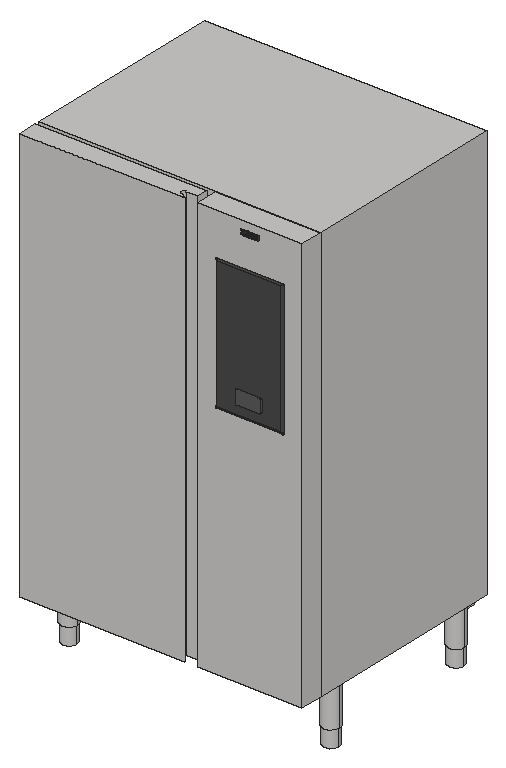
Revit family "QF_ZANUSSI_110550_ZBFA21RE", category Specialty Equipment, Revit 2018
Family settings
  Round Connector Dimension = Use Diameter
  Part Type = Normal
  Work Plane-Based = No
  Always vertical = Yes
  Cut with Voids When Loaded = No
  Shared = No
  Room Calculation Point = No
Parameters
  Weight = 0.00 kg
  Watts = 81.7547 W
  Volts = 380 V
  URL Manufacturer = "http://www.zanussiprofessional.com"
  URL = "http://www.zanussiprofessional.com"
  Steam Supply Size = 0 mm
  Steam Supply Minimum Pressure = 0.0 Pa
  Steam Supply Maximum Pressure = 0.0 Pa
  Steam Pounds per Hour = 0
  Show Logo [instance] = yes
  Show Clearance [instance] = yes
  Refrigeration Suction Line Size = 0 mm
  Refrigeration Liquid Line Size = 0 mm
  Refrigerant Compressor Remote = yes
  Manufacturer = "Zanussi"
  Phase = 3
  Model = "ZBFA21RE"
  Length Actual = 1040 mm  # constant formula
  Item Number = "110550"
  Hot Water Size = 0 mm
  Height Actual = 1741 mm  # constant formula
  HP = "1.2 HP"
  Gas Size = 0 mm
  Gas KW = 0
  Gas Input Pressure = 0 W
  Description = "RAPIDO BLAST CHILLER FREEZER 100/85KG 20 GN 1/1 - REMOTE REFRIGERATING UNIT"
  Depth Actual = 850 mm  # constant formula
  Cycle = 60 Hz
  Condensate Return Size = 0 mm
  Compressed Air Volume = 0.0 L/s
  Compressed Air Size = 0 mm
  Compressed Air Pressure = 0.0 Pa
  Cold Water Size = 0 mm
  Accessory = yes
Reference planes
  plane 1 "Center X": y = 129.851
  plane 2: z = 0
  plane 3 "Center Y": x = -384
  plane 4 "LEFT": x = -904
  plane 5 "BACK": y = 554.851
  plane 6 "RIGHT": x = 136
  plane 7 "FRONT": y = -295.149
  plane 8 "TOP": z = 1741
  plane 9: x = -866.5
  plane 10: y = 478.851
  plane 11: x = 98.5
  plane 12: y = -115.149
  plane 13: y = 616.851
  plane 14: y = -880.149
  plane 15: z = 210
  plane 16: x = -852
  plane 17: x = 84
  plane 18: z = 1174
Forms (mm)
  Extrusion 1, solid, material "QF_Finishes_Stainless Steel"
    sketch origin (0, 0, 1741) x (-1, 0, 0) y (0, -1, 0)
      loop
        line (904, -554.851) -> (904, 210.149) -> (-136, 210.149) -> (-136, -554.851) -> (904, -554.851)
    from 0 to -1531
  Extrusion 2, solid, material "QF_Finishes_Stainless Steel"
    sketch origin (-904, -0.954, 258.709) x (0, 1, 0) y (0, 0, 1)
      loop
        line (617.805, -10.759) -> (555.805, -10.759) -> (555.805, -142.72) -> (617.805, -142.72) -> (617.805, -10.759)
    from 572 to 941.96
  Extrusion 3, solid, material "QF_Finishes_Stainless Steel"
    sketch origin (-199.727, 554.851, 2076) x (1, 0, 0) y (0, 0, -1)
      loop
        circle (230.727, 1616) r 10.5
      loop
        circle (230.727, 1686) r 8
      loop
        circle (230.727, 1701) r 4.75
    from 0 to 90
  Extrusion 4, solid, material "QF_Finishes_Stainless Steel"
    sketch origin (0, 0, 210) x (0, -1, 0) y (-1, 0, 0)
      loop
        circle (-176.851, 270.5) r 9.5
    from 0 to 31.68
  Extrusion 5, solid, material "QF_Finishes_Stainless Steel"
    sketch origin (-642.679, -295.149, 0) x (1, 0, 0) y (0, 0, -1)
      loop
        line (369.7, -1741) -> (369.7, -210) -> (-261.321, -210) -> (-261.321, -1741) -> (369.7, -1741)
    from 0 to 70
  Extrusion 6, solid, material "QF_Finishes_Stainless Steel"
    sketch origin (-623, 0, 1060.038) x (1, 0, 0) y (0, 1, 0)
      loop
        line (759, -295.149) -> (759, -211.149) -> (372.993, -211.149) -> (372.993, -295.149) -> (759, -295.149)
    from 680.962 to -850.038
  Extrusion 7, solid, material "QF_Door-Drawer Clearances", visible <- "Show Clearance", detail levels coarse
    sketch origin (-623, 0, 1060.038) x (1, 0, 0) y (0, 1, 0)
      loop
        line (-246, -295.149) -> (-246, -877.649)
        arc (-246, -877.649) -> (165.972, -703.005) -> (350.021, -295.149) r 614
        line (350.021, -295.149) -> (-246, -295.149)
    from -850.038 to 680.962
  Extrusion 8, void
    sketch origin (-904, -210.149, 1741) x (-1, 0, 0) y (0, 0, 1)
      loop
        line (-600.7, -65.802) -> (-600.7, -1517.802) -> (-46.5, -1517.802) -> (-46.5, -65.802) -> (-600.7, -65.802)
    from 0 to 704
  Extrusion 9, solid, material "QF_Door-Drawer Clearances", visible <- "Show Clearance", detail levels coarse
    sketch origin (-939, -461.949, 0) x (0, -1, 0) y (0, 0, -1)
      loop
        line (415.7, -1741) -> (415.7, -210) -> (-166.8, -210) -> (-166.8, -1741) -> (415.7, -1741)
    from 0 to 70
  Extrusion 10, solid, material "QF_Clearance", visible <- "Show Clearance", detail levels coarse
    sketch origin (-904, 909.851, 0) x (1, 0, 0) y (0, 1, 0)
      loop
        line (0, -1205) -> (0, -355) -> (1040, -355) -> (1040, -1205) -> (1140, -1205) -> (1140, -255) -> (-100, -255) -> (-100, -1205) -> (0, -1205)
    from 0 to 1841
  Extrusion 11, solid, material "QF_Clearance", visible <- "Show Clearance", detail levels coarse
    sketch origin (-1150.39, -1542.9, 1741) x (-1, 0, 0) y (0, -1, 0)
      loop
        line (-246.39, -1247.751) -> (-1286.39, -1247.751) -> (-1286.39, -2097.751) -> (-246.39, -2097.751) -> (-246.39, -1247.751)
    from 0 to 100
  Extrusion 12, void
    sketch origin (-945.724, 0, 0) x (1, 0, 0) y (0, 1, 0)
      loop
        arc (627.437, -262.922) -> (619.313, -269.056) -> (623.077, -278.514) r 8.395
        line (623.077, -278.514) -> (650.783, -295.149) -> (672.745, -295.149) -> (672.745, -262.922) -> (627.437, -262.922)
    from 210 to 1741
  Extrusion 13, void
    sketch origin (-1169.694, -426.449, 0) x (0, 1, 0) y (-1, 0, 0)
      loop
        arc (-405.892, -262.922) -> (-397.768, -256.787) -> (-401.532, -247.329) r 8.395
        line (-401.532, -247.329) -> (-429.238, -230.694) -> (-451.2, -230.694) -> (-451.2, -262.922) -> (-405.892, -262.922)
    from 210 to 1741
Cuts and joins
  Extrusion 8 cuts Extrusion 1
  Extrusion 8 cuts Extrusion 2
  Extrusion 8 cuts Extrusion 3
  Extrusion 8 cuts Extrusion 4
  joined: Extrusion 1, Extrusion 2, Extrusion 3, Extrusion 4
  Extrusion 12 cuts Extrusion 7
  Extrusion 12, Extrusion 13 cuts Extrusion 9
  joined: Extrusion 7, Extrusion 9
  joined: Extrusion 10, Extrusion 11
  Extrusion 12 cuts Extrusion 5
Lines and regions (mm)
  symbolic lines
    curve 1: line (-904, 554.851, 1741) -> (136, 554.851, 1741)
    curve 2: line (-904, -210.149, 1741) -> (-904, 554.851, 1741)
    curve 3: line (136, -295.149, 1741) -> (-250.007, -295.149, 1741)
    curve 4: line (136, 554.851, 1741) -> (136, -295.149, 1741)
    curve 5: line (61.997, -300.149, 1741) -> (-176.003, -300.149, 1741)
    curve 6: line (-176.003, -300.149, 1741) -> (-184.003, -295.149, 1741)
    curve 7: line (61.997, -300.149, 1741) -> (69.997, -295.149, 1741)
    curve 11: line (-250.007, -295.149, 0) -> (-250.007, -210.149, 0)
    curve 12: line (-250.007, -210.149, 0) -> (-904, -210.149, 0)
    curve 13: line (-904, -225.149, 0) -> (-272.979, -225.149, 0)
    curve 14: line (-904, -295.149, 0) -> (-904, -225.149, 0)
    curve 15: line (-294.94, -295.149, 0) -> (-904, -295.149, 0)
    curve 16: line (-272.979, -225.149, 0) -> (-272.979, -262.922, 0)
    curve 21: line (20.5, 644.851, 0) -> (41.5, 644.851, 0)
    curve 22: line (41.5, 644.851, 0) -> (41.5, 554.851, 0)
    curve 23: line (20.5, 644.851, 0) -> (20.5, 554.851, 0)
    curve 24: line (20.5, 616.851, 0) -> (-332, 616.851, 0)
    curve 25: line (-332, 616.851, 0) -> (-332, 554.851, 0)
    curve 29: line (-322.647, -278.514, 0) -> (-294.94, -295.149, 0)
    curve 30: arc (-318.287, -262.922, 0) -> (-326.41, -269.056, 0) -> (-322.647, -278.514, 0) r 8.395
    curve 31: line (-272.979, -262.922, 0) -> (-318.287, -262.922, 0)
  symbolic lines, style "QF_Door-Drawer Clearances", visible <- "Show Clearance"
    curve 8: arc (-272.979, -295.149, 1741) -> (-457.028, -703.005, 1741) -> (-869, -877.649, 1741) r 614
    curve 9: line (-939, -855.687, 1741) -> (-939, -295.149, 1741)
    curve 10: line (-869, -877.649, 1741) -> (-869, -295.149, 1741)
  symbolic lines, style "QF_Door-Drawer Clearances"
    curve 17: line (-869, -877.649, 0) -> (-906.773, -877.649, 0)
    curve 26: line (-922.365, -827.981, 0) -> (-939, -855.687, 0)
    curve 27: arc (-906.773, -832.341, 0) -> (-912.907, -824.217, 0) -> (-922.365, -827.981, 0) r 8.395
    curve 28: line (-906.773, -877.649, 0) -> (-906.773, -832.341, 0)
  symbolic lines, style "QF_Clearances", visible <- "Show Clearance", detail levels coarse
    curve 18: line (-1004, 654.851, 0) -> (-1004, -295.149, 0)
    curve 19: line (236, 654.851, 0) -> (-1004, 654.851, 0)
    curve 20: line (236, -295.149, 0) -> (236, 654.851, 0)
Dimensions and locks
  equal spacing: plane 4 "LEFT", plane 3 "Center Y", plane 6 "RIGHT"
  plane 4 "LEFT" to plane 6 "RIGHT" = 1040 mm
  plane 5 "BACK" to plane 7 "FRONT" = 850 mm
  equal spacing: plane 5 "BACK", plane 1 "Center X", plane 7 "FRONT"
  plane 15 to Extrusion 3 sketch curve = 250 mm
  plane 5 "BACK" to Extrusion 4 sketch curve = 378 mm
  plane 4 "LEFT" to Extrusion 4 sketch curve = 633.5 mm
  plane 6 "RIGHT" to Extrusion 3 sketch curve = 105 mm
  plane 8 "TOP" to level = 1741 mm
  Extrusion 3 sketch curve to Extrusion 6 = 165 mm
  Extrusion 3 sketch curve to Extrusion 6 = 180 mm
  aligned and locked: level to plane 2
  aligned and locked: plane 11 to nested 2
  aligned and locked: plane 9 to nested 1
  aligned and locked: nested 1 to plane 12
  aligned and locked: nested 2 to plane 12
  aligned and locked: nested 4 to plane 10
  aligned and locked: nested 3 to plane 10
Automatic sketch dimensions
  Extrusion 5 sketch curve to plane 4 "LEFT" = 0 mm
  Extrusion 5 sketch curve to plane 15 = 0 mm
  Extrusion 5 sketch curve to plane 8 "TOP" = 0 mm
  Extrusion 8 sketch curve to Extrusion 1 = 13.198 mm
  Extrusion 1 to Extrusion 8 sketch curve = 439.3 mm
  Extrusion 8 sketch curve to Extrusion 1 = 46.5 mm
  Extrusion 8 sketch curve to Extrusion 1 = 65.802 mm
  Extrusion 9 sketch curve to plane 8 "TOP" = 0 mm
  Extrusion 9 sketch curve to plane 15 = 0 mm
  plane 7 "FRONT" to Extrusion 9 sketch curve = 0 mm
  Extrusion 7 sketch curve to plane 7 "FRONT" = 0 mm
  plane 4 "LEFT" to Extrusion 7 sketch curve = 17.818 mm
  Extrusion 7 sketch curve to plane 9 = 2.5 mm
  plane 3 "Center Y" to Extrusion 7 sketch curve = 111.021 mm
  plane 14 to Extrusion 7 sketch curve = 2.5 mm
  Extrusion 1 sketch curve to plane 5 "BACK" = 0 mm
  Extrusion 1 sketch curve to plane 6 "RIGHT" = 0 mm
  Extrusion 1 sketch curve to plane 4 "LEFT" = 0 mm
  plane 7 "FRONT" to Extrusion 1 sketch curve = 85 mm
  Extrusion 6 sketch curve to plane 7 "FRONT" = 0 mm
  Extrusion 6 sketch curve to plane 6 "RIGHT" = 0 mm
  plane 3 "Center Y" to Extrusion 6 sketch curve = 133.993 mm
  Extrusion 6 sketch curve to Extrusion 6 sketch curve = 84 mm
  Extrusion 2 sketch curve to plane 5 "BACK" = 0 mm
  Extrusion 2 sketch curve to plane 13 = 0 mm
  Extrusion 2 sketch curve to plane 15 = 94.012 mm
  plane 15 to Extrusion 2 sketch curve = 37.95 mm
  Extrusion 3 sketch curve to Extrusion 3 sketch curve = 0 mm  (x2)
  Extrusion 10 sketch curve to plane 7 "FRONT" = 0 mm  (x2)
  Extrusion 10 sketch curve to plane 6 "RIGHT" = 1140 mm
  Extrusion 10 sketch curve to Extrusion 10 sketch curve = 100 mm  (x3)
  Extrusion 10 sketch curve to plane 13 = 62 mm
  Extrusion 10 sketch curve to Extrusion 10 sketch curve = 1040 mm
  Extrusion 11 sketch curve to plane 6 "RIGHT" = 0 mm
  Extrusion 11 sketch curve to plane 4 "LEFT" = 0 mm
  Extrusion 11 sketch curve to plane 5 "BACK" = 0 mm
  Extrusion 11 sketch curve to plane 7 "FRONT" = 0 mm
  plane 14 to Extrusion 9 sketch curve = 2.5 mm
  plane 3 "Center Y" to Extrusion 5 sketch curve = 111.021 mm
  plane 4 "LEFT" to Extrusion 12 sketch curve = 581.353 mm
  Extrusion 12 sketch curve to Extrusion 12 sketch curve = 4.321 mm
  Extrusion 12 sketch curve to Extrusion 12 sketch curve = 0.039 mm
  plane 4 "LEFT" to Extrusion 12 sketch curve = 609.06 mm
  plane 4 "LEFT" to Extrusion 12 sketch curve = 631.021 mm
  plane 14 to Extrusion 12 sketch curve = 585 mm
  Extrusion 12 sketch curve to Extrusion 12 sketch curve = 16.635 mm
  Extrusion 12 sketch curve to Extrusion 12 sketch curve = 7.197 mm
  plane 14 to Extrusion 13 sketch curve = 2.5 mm
  Extrusion 13 sketch curve to Extrusion 13 sketch curve = 21.962 mm
  Extrusion 13 sketch curve to Extrusion 13 sketch curve = 23.346 mm
  Extrusion 13 sketch curve to Extrusion 13 sketch curve = 0.039 mm
  Extrusion 13 sketch curve to Extrusion 13 sketch curve = 4.321 mm
  Extrusion 13 sketch curve to plane 4 "LEFT" = 2.773 mm
  Extrusion 13 sketch curve to Extrusion 13 sketch curve = 8.395 mm
  Extrusion 13 sketch curve to Extrusion 13 sketch curve = 16.635 mm
  curve 1 to plane 5 "BACK" = 0 mm
  curve 1 to plane 6 "RIGHT" = 0 mm
  curve 7 to plane 7 "FRONT" = 0 mm
  curve 8 to plane 7 "FRONT" = 0 mm
  curve 10 to plane 7 "FRONT" = 0 mm
  curve 2 to plane 4 "LEFT" = 0 mm
  curve 9 to plane 7 "FRONT" = 0 mm
  curve 7 to plane 7 "FRONT" = 5 mm
  curve 7 to plane 17 = 22.003 mm
  plane 3 "Center Y" to curve 6 = 207.997 mm
  curve 10 to plane 9 = 2.5 mm
  plane 4 "LEFT" to curve 8 = 17.818 mm
  plane 7 "FRONT" to curve 8 = 31.26 mm
  plane 14 to curve 10 = 2.5 mm
  curve 7 to curve 5 = 8 mm
  curve 5 to curve 6 = 8 mm
  curve 3 to curve 8 = 22.972 mm
  curve 9 to plane 4 "LEFT" = 35 mm
  curve 2 to curve 8 = 53.74 mm
  plane 14 to curve 9 = 24.462 mm
  curve 18 to plane 7 "FRONT" = 0 mm
  curve 12 to plane 4 "LEFT" = 0 mm
  curve 13 to plane 4 "LEFT" = 0 mm
  curve 25 to plane 5 "BACK" = 0 mm
  curve 25 to plane 13 = 0 mm
  curve 29 to plane 7 "FRONT" = 0 mm
  curve 11 to plane 7 "FRONT" = 0 mm
  curve 23 to plane 5 "BACK" = 0 mm
  curve 22 to plane 5 "BACK" = 0 mm
  curve 20 to plane 7 "FRONT" = 0 mm
  curve 17 to plane 4 "LEFT" = 2.773 mm
  curve 27 to curve 27 = 8.395 mm
  curve 26 to curve 27 = 7.197 mm
  plane 13 to curve 18 = 38 mm
  curve 18 to plane 4 "LEFT" = 100 mm
  plane 3 "Center Y" to curve 25 = 52 mm
  plane 7 "FRONT" to curve 29 = 16.635 mm
  plane 3 "Center Y" to curve 29 = 61.353 mm
  curve 30 to curve 30 = 4.321 mm
  curve 30 to curve 31 = 0.039 mm
  curve 30 to curve 31 = 45.308 mm
  curve 13 to curve 11 = 22.972 mm
  plane 13 to curve 23 = 28 mm
  curve 23 to plane 17 = 63.5 mm
  curve 21 to curve 22 = 21 mm
  plane 6 "RIGHT" to curve 19 = 100 mm
  plane 14 to curve 26 = 52.168 mm
  curve 27 to curve 27 = 4.321 mm
  plane 14 to curve 28 = 2.5 mm
  curve 30 to curve 30 = 7.197 mm
  curve 16 to curve 13 = 37.773 mm
  curve 13 to curve 12 = 15 mm
  curve 26 to curve 27 = 16.635 mm
  curve 17 to plane 9 = 2.5 mm
  curve 29 to curve 15 = 27.707 mm
  plane 14 to curve 26 = 24.462 mm
  radius of Extrusion 4 sketch curve = 9.5 mm
  radius of Extrusion 3 sketch curve = 10.5 mm
  radius of Extrusion 3 sketch curve = 8 mm
  radius of Extrusion 3 sketch curve = 4.75 mm
Nested families
  nested 1: "Foot_Complete" at (-866.5, -115.149, 0), type "Foot_Complete"
    with H 210 mm
  nested 2: "Foot_Complete" at (98.5, -115.149, 0), type "Foot_Complete"
    with H 210 mm
  nested 3: "Foot_Complete" at (84, 478.851, 0), type "Foot_Complete"
    with H 210 mm
  nested 4: "Foot_Complete" at (-852, 478.851, 0), type "Foot_Complete"
    with H 210 mm
  nested 5: "ZAN_Logo_XS" at (-57.003, -295.149, 1703.9) x (1, 0, 0) z (0, -1, 0), visible <- "Show Logo", type "ZAN_Logo_XS"
  nested 6: "ZAN_Touch" at (-57.003, -295.149, 1337) x (1, 0, 0) z (0, -1, 0), type "ZAN_Touch"
Connectors
  electrical at (31, 644.851, 460), driven by "Volts"
    settings: on Extrusion 3, index 5, voltage 380 V, apparent load 0 VA, apparent load phase1 0 VA, apparent load phase2 0 VA, apparent load phase3 0 VA, power factor 1, load classification "Altro", number of poles 1, system type 30, power factor state 1, is connector primary yes, connector utility no, sub classification motor no, connector description "Electrical Connection"
  piping at (-270.5, 176.851, 178.32), diameter 19
    settings: on cut or joined group of Extrusion 1, Extrusion 2, Extrusion 3, Extrusion 4, Extrusion 8, index 6, connector inside diameter 609.6 mm, connector length 0 mm, flow factor 0, pipe flow 0.0 L/s, pressure drop 0.0 Pa, fitting loss kfactor 0, connector angle 0.00°, fixture units 0, engagement length 0 mm, angle of deflection 0.00°, flow configuration 1, flow direction 2, fitting loss method 0, system type 16, joint type 0, gender type 0, connector reference index -1, connector utility 0, adjustable connector no, is connector primary yes, connector description "Drain"
  piping at (31, 644.851, 390), diameter 16
    settings: on cut or joined group of Extrusion 1, Extrusion 2, Extrusion 3, Extrusion 4, Extrusion 8, index 7, connector inside diameter 609.6 mm, connector length 0 mm, flow factor 0, pipe flow 0.0 L/s, pressure drop 0.0 Pa, fitting loss kfactor 0, connector angle 0.00°, fixture units 0, engagement length 0 mm, angle of deflection 0.00°, flow configuration 1, flow direction 1, fitting loss method 0, system type 8, joint type 0, gender type 0, connector reference index -1, connector utility 0, adjustable connector no, is connector primary no, connector description "Refrigerant Outlet"
  piping at (31, 644.851, 375), diameter 95
    settings: on cut or joined group of Extrusion 1, Extrusion 2, Extrusion 3, Extrusion 4, Extrusion 8, index 8, connector inside diameter 609.6 mm, connector length 0 mm, flow factor 0, pipe flow 0.0 L/s, pressure drop 0.0 Pa, fitting loss kfactor 0, connector angle 0.00°, fixture units 0, engagement length 0 mm, angle of deflection 0.00°, flow configuration 0, flow direction 0, fitting loss method 0, system type 7, joint type 0, gender type 0, connector reference index -1, connector utility 0, adjustable connector no, is connector primary no, connector description "Refrigerant Inlet"
Definition of nested family "Foot_Complete"
  Parameters
    R = 32 mm
    H = 150 mm
  Reference planes
    plane 1 "Centro (Fronte/Retro)": y = 0
    plane 2: z = 0
    plane 3 "Centro (Sinistra/Destra)": x = 0
    plane 4: z = 150
  Forms (mm)
    Revolve 1, solid
      sketch origin (255.05, 0, 608.09) x (0, 0, 1) y (-1, 0, 0)
        loop
          line (-608.09, 255.05) -> (-608.09, 226.55) -> (-544.09, 226.55) -> (-544.09, 223.05) -> (-458.09, 223.05) -> (-458.09, 255.05) -> (-608.09, 255.05)
        axis (-608.09, 255.05) -> (-458.09, 255.05)
      angle from 0 to 360
  Dimensions and locks
    locked: level to Revolve 1 sketch curve at 64
    "R": Revolve 1 sketch curve to plane 3 "Centro (Sinistra/Destra)"
    "H": plane 4 to level
    aligned and locked: level to plane 2
    aligned and locked: plane 4 to Revolve 1 sketch curve
    aligned and locked: Revolve 1 sketch curve to level
    aligned and locked: plane 3 "Centro (Sinistra/Destra)" to Revolve 1 sketch curve
  Automatic sketch dimensions
    Revolve 1 sketch curve to plane 3 "Centro (Sinistra/Destra)" = 0 mm
    plane 3 "Centro (Sinistra/Destra)" to Revolve 1 sketch curve = 28.5 mm
    Revolve 1 sketch curve to Revolve 1 sketch curve = 50 mm
    Revolve 1 sketch curve to Revolve 1 sketch curve = 20 mm
Definition of nested family "ZAN_Logo_XS"
  Parameters
    Default Elevation = 0 mm
    M [instance] = none
  Reference planes
    plane 1 "Centro (Fronte/Retro)": y = 0
    plane 2: z = 0
    plane 3 "Centro (Sinistra/Destra)": x = 0
  Forms (mm)
    Extrusion 1, solid
      sketch origin (0, 0, 0) x (1, 0, 0) y (0, 1, 0)
        loop
          line (-1219.2, 1219.2) -> (-1219.2, -1219.2) -> (1219.2, -1219.2) -> (1219.2, 1219.2) -> (-1219.2, 1219.2)
      from 0 to -304.8
    Extrusion 2, solid, material <- "M"
      sketch origin (17.793, -46.218, 0) x (-1, 0, 0) y (0, -1, 0)
        loop
          spline (1.911, -54.793) -> (2.402, -54.973) -> (2.91, -55.105) -> (3.43, -55.191) -> (3.955, -55.229) -> (4.482, -55.219) -> (5.006, -55.161) -> (5.521, -55.054) -> (6.022, -54.898) -> (6.506, -54.693) -> (6.966, -54.438) -> (7.398, -54.133) -> (7.797, -53.778)
          spline (7.797, -53.778) -> (8.033, -53.407) -> (8.237, -53.008) -> (8.407, -52.586) -> (8.544, -52.147) -> (8.65, -51.697) -> (8.723, -51.241) -> (8.764, -50.785) -> (8.774, -50.335) -> (8.753, -49.897) -> (8.701, -49.475) -> (8.619, -49.075) -> (8.507, -48.704)
          line (8.507, -48.704) -> (6.883, -46.37) -> (5.158, -44.848) -> (3.027, -42.716)
          spline (3.027, -42.716) -> (3.002, -42.56) -> (2.979, -42.398) -> (2.962, -42.23) -> (2.952, -42.059) -> (2.951, -41.886) -> (2.963, -41.714) -> (2.99, -41.545) -> (3.034, -41.378) -> (3.098, -41.218) -> (3.184, -41.065) -> (3.295, -40.921) -> (3.433, -40.788)
          line (3.433, -40.788) -> (4.752, -40.687)
          spline (4.752, -40.687) -> (4.999, -40.855) -> (5.185, -41.053) -> (5.32, -41.275) -> (5.41, -41.518) -> (5.463, -41.775) -> (5.488, -42.044) -> (5.491, -42.319) -> (5.481, -42.596) -> (5.466, -42.87) -> (5.452, -43.137) -> (5.448, -43.392) -> (5.462, -43.63)
          line (5.462, -43.63) -> (9.014, -43.63)
          spline (9.014, -43.63) -> (9.056, -43.199) -> (9.08, -42.769) -> (9.084, -42.342) -> (9.067, -41.92) -> (9.027, -41.503) -> (8.964, -41.093) -> (8.875, -40.691) -> (8.759, -40.3) -> (8.615, -39.919) -> (8.441, -39.552) -> (8.237, -39.198) -> (7.999, -38.86)
          spline (7.999, -38.86) -> (7.708, -38.596) -> (7.394, -38.361) -> (7.059, -38.155) -> (6.707, -37.977) -> (6.338, -37.828) -> (5.957, -37.706) -> (5.565, -37.612) -> (5.165, -37.545) -> (4.76, -37.504) -> (4.351, -37.491) -> (3.942, -37.503) -> (3.534, -37.541)
          spline (3.534, -37.541) -> (3.104, -37.608) -> (2.677, -37.709) -> (2.258, -37.842) -> (1.85, -38.007) -> (1.459, -38.203) -> (1.086, -38.429) -> (0.737, -38.685) -> (0.415, -38.969) -> (0.123, -39.282) -> (-0.133, -39.622) -> (-0.35, -39.989) -> (-0.525, -40.383)
          spline (-0.525, -40.383) -> (-0.633, -40.866) -> (-0.704, -41.352) -> (-0.738, -41.837) -> (-0.736, -42.318) -> (-0.698, -42.794) -> (-0.627, -43.262) -> (-0.521, -43.719) -> (-0.382, -44.164) -> (-0.211, -44.592) -> (-0.008, -45.003) -> (0.226, -45.394) -> (0.49, -45.761)
          line (0.49, -45.761) -> (4.549, -49.414) -> (5.056, -50.023) -> (5.259, -51.647) -> (4.042, -52.256) -> (3.027, -51.546) -> (2.925, -49.414) -> (-0.424, -49.414) -> (-0.22, -52.865)
          spline (-0.22, -52.865) -> (-0.13, -53.068) -> (-0.013, -53.268) -> (0.127, -53.466) -> (0.287, -53.658) -> (0.464, -53.843) -> (0.655, -54.019) -> (0.856, -54.185) -> (1.065, -54.338) -> (1.278, -54.478) -> (1.492, -54.601) -> (1.704, -54.707) -> (1.911, -54.793)
        loop
          spline (-10.267, -52.966) -> (-9.987, -53.421) -> (-9.658, -53.822) -> (-9.284, -54.17) -> (-8.873, -54.466) -> (-8.429, -54.711) -> (-7.959, -54.907) -> (-7.467, -55.054) -> (-6.96, -55.154) -> (-6.443, -55.207) -> (-5.922, -55.214) -> (-5.402, -55.178) -> (-4.889, -55.098)
          spline (-4.889, -55.098) -> (-4.532, -55.03) -> (-4.176, -54.93) -> (-3.825, -54.799) -> (-3.483, -54.639) -> (-3.156, -54.45) -> (-2.847, -54.235) -> (-2.561, -53.994) -> (-2.303, -53.729) -> (-2.077, -53.442) -> (-1.889, -53.134) -> (-1.742, -52.805) -> (-1.641, -52.459)
          spline (-1.641, -52.459) -> (-1.485, -51.997) -> (-1.371, -51.525) -> (-1.299, -51.049) -> (-1.269, -50.572) -> (-1.282, -50.098) -> (-1.337, -49.63) -> (-1.434, -49.173) -> (-1.574, -48.73) -> (-1.756, -48.306) -> (-1.98, -47.904) -> (-2.246, -47.528) -> (-2.555, -47.182)
          line (-2.555, -47.182) -> (-6.31, -43.833) -> (-7.121, -42.615)
          spline (-7.121, -42.615) -> (-7.146, -42.461) -> (-7.169, -42.304) -> (-7.188, -42.144) -> (-7.2, -41.984) -> (-7.204, -41.823) -> (-7.198, -41.664) -> (-7.178, -41.506) -> (-7.144, -41.352) -> (-7.093, -41.202) -> (-7.023, -41.058) -> (-6.932, -40.919) -> (-6.817, -40.788)
          line (-6.817, -40.788) -> (-5.802, -40.585)
          spline (-5.802, -40.585) -> (-5.443, -40.671) -> (-5.17, -40.818) -> (-4.971, -41.02) -> (-4.836, -41.266) -> (-4.753, -41.547) -> (-4.711, -41.854) -> (-4.699, -42.178) -> (-4.705, -42.51) -> (-4.718, -42.84) -> (-4.726, -43.16) -> (-4.719, -43.46) -> (-4.686, -43.731)
          line (-4.686, -43.731) -> (-1.134, -43.63)
          spline (-1.134, -43.63) -> (-1.09, -43.193) -> (-1.063, -42.747) -> (-1.055, -42.296) -> (-1.07, -41.845) -> (-1.112, -41.396) -> (-1.185, -40.953) -> (-1.291, -40.522) -> (-1.435, -40.104) -> (-1.619, -39.705) -> (-1.848, -39.329) -> (-2.125, -38.978) -> (-2.453, -38.657)
          spline (-2.453, -38.657) -> (-2.873, -38.351) -> (-3.319, -38.09) -> (-3.785, -37.876) -> (-4.269, -37.706) -> (-4.765, -37.582) -> (-5.269, -37.503) -> (-5.778, -37.468) -> (-6.287, -37.477) -> (-6.792, -37.53) -> (-7.288, -37.626) -> (-7.771, -37.765) -> (-8.238, -37.947)
          spline (-8.238, -37.947) -> (-8.443, -38.033) -> (-8.65, -38.14) -> (-8.858, -38.264) -> (-9.065, -38.405) -> (-9.269, -38.562) -> (-9.468, -38.733) -> (-9.661, -38.917) -> (-9.846, -39.112) -> (-10.022, -39.317) -> (-10.185, -39.53) -> (-10.335, -39.751) -> (-10.47, -39.977)
          spline (-10.47, -39.977) -> (-10.65, -40.464) -> (-10.783, -40.962) -> (-10.87, -41.467) -> (-10.91, -41.976) -> (-10.904, -42.487) -> (-10.851, -42.996) -> (-10.752, -43.501) -> (-10.606, -43.998) -> (-10.413, -44.486) -> (-10.174, -44.961) -> (-9.889, -45.421) -> (-9.557, -45.863)
          line (-9.557, -45.863) -> (-5.295, -49.719) -> (-4.787, -51.038) -> (-5.193, -52.053) -> (-6.107, -52.256) -> (-7.121, -51.546) -> (-7.223, -49.516) -> (-10.673, -49.414)
          spline (-10.673, -49.414) -> (-10.656, -49.721) -> (-10.65, -50.03) -> (-10.653, -50.341) -> (-10.658, -50.651) -> (-10.662, -50.96) -> (-10.661, -51.267) -> (-10.648, -51.569) -> (-10.621, -51.865) -> (-10.573, -52.154) -> (-10.502, -52.435) -> (-10.401, -52.706) -> (-10.267, -52.966)
        loop
          line (-11.282, -37.541) -> (-14.834, -37.541) -> (-14.834, -54.894) -> (-11.282, -54.894) -> (-11.282, -37.541)
        loop
          line (15.205, -41.702) -> (15.205, -54.894) -> (18.757, -54.894) -> (18.757, -43.224) -> (18.554, -40.383)
          arc (18.554, -40.383) -> (17.093, -38.328) -> (14.698, -37.541) r 4.037
          line (14.698, -37.541) -> (13.074, -37.541) -> (12.262, -37.744)
          arc (12.262, -37.744) -> (10.306, -39.004) -> (9.522, -41.194) r 3.619
          line (9.522, -41.194) -> (9.522, -54.894) -> (13.074, -54.894) -> (13.074, -42.006) -> (13.479, -41.093) -> (14.596, -40.991) -> (15.205, -41.702)
        loop
          line (19.569, -54.894) -> (22.816, -54.894) -> (22.816, -43.833) -> (25.759, -54.894) -> (29.514, -54.894) -> (29.514, -37.541) -> (26.368, -37.541) -> (26.368, -49.008) -> (23.425, -37.541) -> (19.569, -37.541) -> (19.569, -54.894)
        loop
          line (41.184, -54.894) -> (50.013, -54.894) -> (50.013, -51.647) -> (45.345, -51.749) -> (50.419, -41.093) -> (50.419, -37.541) -> (41.184, -37.541) -> (41.184, -41.093) -> (46.511, -41.093) -> (41.184, -51.952) -> (41.184, -54.894)
        loop
          line (32.964, -54.894) -> (37.835, -54.894) -> (40.981, -37.541) -> (37.328, -37.541) -> (36.821, -40.89) -> (33.878, -40.89) -> (33.37, -37.541) -> (29.717, -37.541) -> (32.964, -54.894)
        loop
          line (36.415, -44.036) -> (34.385, -44.036) -> (35.4, -51.928) -> (36.415, -44.036)
      from 0 to 1.644
  Dimensions and locks
    aligned and locked: plane 2 to Extrusion 1
    aligned and locked: level to Extrusion 1
Definition of nested family "ZAN_Touch"
  Parameters
    Default Elevation = 1219.2 mm
  Reference planes
    plane 1 "Centro (Fronte/Retro)": y = 0
    plane 2: z = 0
    plane 3 "Centro (Sinistra/Destra)": x = 0
  Forms (mm)
    Extrusion 1, solid
      sketch origin (0, 0, 0) x (1, 0, 0) y (0, 1, 0)
        loop
          line (-1219.2, 1219.2) -> (-1219.2, -1219.2) -> (1219.2, -1219.2) -> (1219.2, 1219.2) -> (-1219.2, 1219.2)
      from 0 to -304.8
    Extrusion 2, solid
      sketch origin (0, 0, 5) x (1, 0, 0) y (0, 1, 0)
        loop
          line (-47, -160) -> (-47, -202)
          arc (-47, -202) -> (-45.536, -205.535) -> (-42, -207) r 5
          line (-42, -207) -> (42, -207)
          arc (42, -207) -> (45.536, -205.535) -> (47, -202) r 5
          line (47, -202) -> (47, -160)
          arc (47, -160) -> (45.536, -156.465) -> (42, -155) r 5
          line (42, -155) -> (-42, -155)
          arc (-42, -155) -> (-45.536, -156.465) -> (-47, -160) r 5
      from 0 to 2
    Blend 3, solid
      base sketch origin (0, 0, 0) x (1, 0, 0) y (0, 1, 0)
        loop
          line (-127, 244) -> (-127, -244)
          arc (-127, -244) -> (-125.536, -247.536) -> (-122, -249) r 5
          line (-122, -249) -> (122, -249)
          arc (122, -249) -> (125.536, -247.536) -> (127, -244) r 5
          line (127, -244) -> (127, 244)
          arc (127, 244) -> (125.536, 247.536) -> (122, 249) r 5
          line (122, 249) -> (-122, 249)
          arc (-122, 249) -> (-125.536, 247.536) -> (-127, 244) r 5
      top sketch origin (0, 0, 0) x (1, 0, 0) y (0, 1, 0)
        loop
          line (-119, -241) -> (119, -241) -> (119, 241) -> (-119, 241) -> (-119, -241)
      from 0 to 5
  Lines and regions (mm)
    Split face 1
      outline origin (0, 0, 5) x (1, 0, 0) y (0, 1, 0)
        loop
          line (-70.506, 46.167) -> (70.506, 46.167) -> (70.506, 214.829) -> (-70.506, 214.829) -> (-70.506, 46.167)
    Split face 2
      outline origin (0, 0, 5) x (1, 0, 0) y (0, 1, 0)
        loop
          line (-47.467, 50.825) -> (47.467, 50.825) -> (47.467, 210.171) -> (-47.467, 210.171) -> (-47.467, 50.825)
    Split face 3
      outline origin (0, 0, 5) x (1, 0, 0) y (0, 1, 0)
        loop
          line (116.89, 241) -> (114.093, 80.78)
          arc (114.093, 80.78) -> (111.629, 50.696) -> (105.329, 21.176) r 235
          arc (105.329, 21.176) -> (102.404, 0) -> (105.329, -21.176) r 78.117
          arc (105.329, -21.176) -> (111.629, -50.696) -> (114.093, -80.78) r 235
          line (114.093, -80.78) -> (116.89, -241)
  Dimensions and locks
    aligned and locked: plane 2 to Extrusion 1
    aligned and locked: level to Extrusion 1
